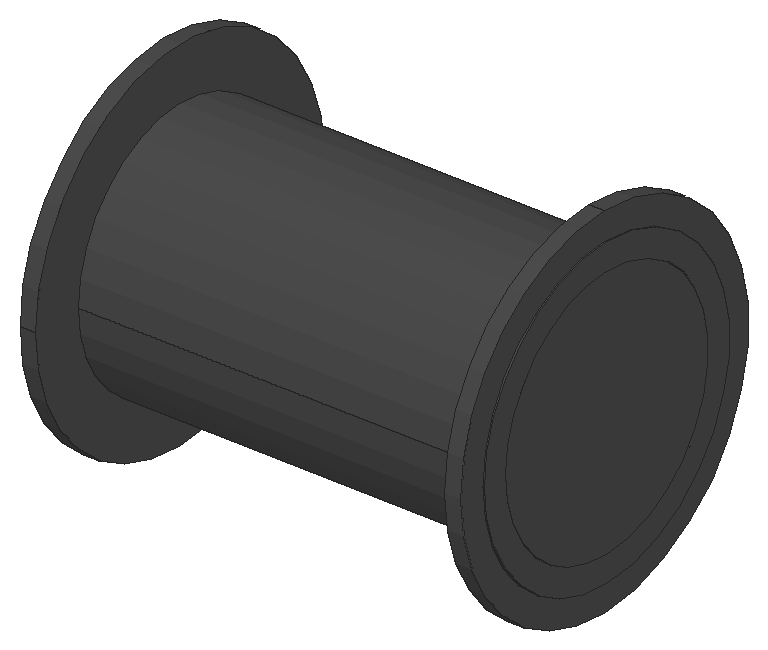
Revit family "Duc_FLA_Tocos", category Pipe Fittings, Revit 2025
Family settings
  Round Connector Dimension = Use Diameter
  Part Type = Union
  Work Plane-Based = Yes
  Always vertical = No
  Cut with Voids When Loaded = No
  Shared = Yes
Parameters
  Tabela [instance] = "Duc_FLA_Tocos"
  PN [instance] = "10"
  Nominal Diameter [instance] = 400.0 mm
  Material_Conexao = FoFo
  Manufacturer = "SGC"
  Loss Method = Not Defined
  K Coefficient Table = "Converging/Diverging Tee/Wye"
  Description = "Toco com flanges"
  Default Elevation = 0.0 mm
  Corpo_L [instance] = size_lookup(Tabela, "Corpo_L", 700.0 mm, Nominal Diameter)  # 700.0 mm
  Corpo_E [instance] = size_lookup(Tabela, "Corpo_E", 16.0 mm, Nominal Diameter)  # 21.5 mm
  Corpo_D [instance] = size_lookup(Tabela, "Corpo_D", 220.0 mm, Nominal Diameter)  # 565.0 mm
Reference planes
  plane 1 "EixoP": y = 0
  plane 2: z = 0
  plane 3 "EixoS": x = 468.25
  plane 4 "EE": x = 118.25
  plane 5 "ED": x = 818.25
Forms (mm)
  Sweep 1, solid, material "FoFo" <- "Material_Conexao"
    path origin (560, 0, 0) x (1, 0, 0) y (0, 1, 0)
      loop
        line (-441.75, 0) -> (258.25, 0)
    profile origin (468.25, 0, 0) x (0, 1, 0) y (0, 0, 1)
      loop
        circle (0, 0) r 200
Dimensions and locks
  "Corpo_L": plane 4 "EE" to plane 5 "ED"
  equal spacing: plane 4 "EE", plane 3 "EixoS", plane 5 "ED"
  "Nominal Diameter": diameter of Sweep 1 sketch curve
  aligned and locked: Sweep 1 sketch curve to plane 1 "EixoP"
  aligned and locked: plane 5 "ED" to Sweep 1 sketch curve
  aligned and locked: nested 2 to plane 2
  aligned and locked: nested 1 to plane 1 "EixoP"
  aligned and locked: plane 2 to nested 1
  aligned and locked: nested 2 to plane 4 "EE"
  aligned and locked: nested 1 to plane 5 "ED"
Automatic sketch dimensions
  Sweep 1 sketch curve to plane 4 "EE" = 0.0 mm
  Sweep 1 sketch curve to level = 0.0 mm
  Sweep 1 sketch curve to profile plane = 0.0 mm
Nested families
  nested 1: "Duc_FLA_Flanges" at (818.25, 0, 0) x (0, 0, 1) z (1, 0, 0), Nominal Diameter <- "Nominal Diameter", type "Duc_FLA_Flanges"
    with Tabela "Duc_FLA_Flanges", PN "10", Nominal Diameter 400.0 mm, Flange_Ressalto 4.0 mm, Flange_RF 257.5 mm, Flange_QF "16", Flange_MA 11.25°, Flange_DG 480.0 mm, Flange_DFuro 28.0 mm, Flange_DF 515.0 mm, Flange_D 565.0 mm, Flange_AnguloFuros 22.50°, Flange_Altura 24.5 mm
  nested 2: "Duc_FLA_Flanges" at (118.25, 0, 0) x (0, -1, 0) z (-1, 0, 0), Nominal Diameter <- "Nominal Diameter", type "Duc_FLA_Flanges"
    with Tabela "Duc_FLA_Flanges", PN "10", Nominal Diameter 400.0 mm, Flange_Ressalto 4.0 mm, Flange_RF 257.5 mm, Flange_QF "16", Flange_MA 11.25°, Flange_DG 480.0 mm, Flange_DFuro 28.0 mm, Flange_DF 515.0 mm, Flange_D 565.0 mm, Flange_AnguloFuros 22.50°, Flange_Altura 24.5 mm
Connectors
  piping at (818.25, 0, 0), diameter 400, driven by "Nominal Diameter"
    settings: on Sweep 1, index 1, connector inside diameter 609.6 mm, connector length 0.0 mm, flow factor 0, pipe flow 0 L/h, pressure drop 0 Pa, fitting loss kfactor 0, connector angle 0.00°, fixture units 0, engagement length 0.0 mm, angle of deflection 0.00°, flow configuration 0, flow direction 0, fitting loss method 0, system type 28, joint type 0, gender type 0, connector reference index -1, connector utility 0, adjustable connector no, is connector primary yes, connector description ""
  piping at (118.25, 0, 0), diameter 400, driven by "Nominal Diameter"
    settings: on Sweep 1, index 2, connector inside diameter 609.6 mm, connector length 0.0 mm, flow factor 0, pipe flow 0 L/h, pressure drop 0 Pa, fitting loss kfactor 0, connector angle 0.00°, fixture units 0, engagement length 0.0 mm, angle of deflection 0.00°, flow configuration 0, flow direction 0, fitting loss method 0, system type 28, joint type 0, gender type 0, connector reference index -1, connector utility 0, adjustable connector no, is connector primary no, connector description ""
Definition of nested family "Duc_FLA_Flanges"
  Parameters (values of type "Duc_FLA_Flanges")
    Tabela [instance] = "Duc_FLA_Flanges"
    PN [instance] = "10"
    Nominal Diameter [instance] = 100.0 mm
    Material_Conexao = none
    Manufacturer = "SGC"
    Flange_Ressalto [instance] = size_lookup(Tabela, "FRessalto", 3.0 mm, Nominal Diameter, PN)  # 3.0 mm
    Flange_RF [instance] = Flange_DF / 2  # 90.0 mm
    Flange_QF [instance] = size_lookup(Tabela, "QF", "4", Nominal Diameter, PN)  # "8"
    Flange_MA [instance] = size_lookup(Tabela, "MA", 45.00°, Nominal Diameter, PN)  # 22.50°
    Flange_DG [instance] = size_lookup(Tabela, "FG", 99.0 mm, Nominal Diameter, PN)  # 156.0 mm
    Flange_DF [instance] = size_lookup(Tabela, "FC", 125.0 mm, Nominal Diameter, PN)  # 180.0 mm
    Flange_D [instance] = size_lookup(Tabela, "FD", 165.0 mm, Nominal Diameter, PN)  # 220.0 mm
    Flange_AnguloFuros [instance] = size_lookup(Tabela, "AF", 90.00°, Nominal Diameter, PN)  # 45.00°
    Flange_Altura [instance] = size_lookup(Tabela, "FAltura", 19.0 mm, Nominal Diameter, PN)  # 19.0 mm
    Description = "Flange"
    Default Elevation = 0.0 mm
    Flange_DFuro [instance] = size_lookup(Tabela, "DFuro", 19.0 mm, Nominal Diameter, PN)  # 19.0 mm
  Reference planes
    plane 1 "Centro (Frente/Trás)": y = 0
    plane 2: z = 0
    plane 3 "Centro (Esquerda/Direita)": x = 0
    plane 4: z = -3
    plane 5: z = -22
  Forms (mm)
    Extrusion 1, solid, material <- "Material_Conexao"
      sketch origin (0, 0, 0) x (1, 0, 0) y (0, 1, 0)
        loop
          circle (0, 0) r 110
      from -22 to -3
    Extrusion 2, solid, material <- "Material_Conexao"
      sketch origin (0, 0, 0) x (1, 0, 0) y (0, 1, 0)
        loop
          circle (0, 0) r 78
      from 0 to -3
    Extrusion 3, void
      sketch origin (0, 0, 0) x (1, 0, 0) y (0, 1, 0)
        loop
          circle (0, 0) r 50
      from -22 to 0
  Cuts and joins
    Extrusion 3 cuts Extrusion 1
    Extrusion 3 cuts Extrusion 2
    joined: Extrusion 1, Extrusion 2
  Lines and regions (mm)
    model lines
      curve 1: line (-40, 0, 0) -> (40, 0, 0)
      curve 2: line (0, 40, 0) -> (0, -40, 0)
    reference lines
      curve 3: line (0, 0, 0) -> (83.149, 34.442, 0)
  Dimensions and locks
    "Flange_Ressalto": plane 2 to plane 4
    "Flange_Altura": plane 4 to plane 5
    "Flange_RF": curve 3 to curve 3
    "Flange_D": diameter of Extrusion 1 sketch curve
    "Flange_DG": diameter of Extrusion 2 sketch curve
    "Nominal Diameter": diameter of Extrusion 3 sketch curve
    "Flange_MA": angle plane 1 "Centro (Frente/Trás)" to curve 3
    aligned and locked: plane 2 to level
    aligned and locked: Extrusion 1 to plane 5
    aligned and locked: cut or joined group of Extrusion 1, Extrusion 2, Extrusion 3 to plane 4
    aligned and locked: plane 4 to cut or joined group of Extrusion 1, Extrusion 2, Extrusion 3
    aligned and locked: cut or joined group of Extrusion 1, Extrusion 2, Extrusion 3 to Extrusion 3
    aligned and locked: level to Extrusion 3
    aligned and locked: Extrusion 2 to Extrusion 1
    aligned and locked: level to Extrusion 2
    aligned and locked: plane 3 "Centro (Esquerda/Direita)" to curve 3
    aligned and locked: plane 1 "Centro (Frente/Trás)" to curve 3
  Automatic sketch dimensions
    plane 1 "Centro (Frente/Trás)" to curve 1 = 0.0 mm
    curve 1 to plane 3 "Centro (Esquerda/Direita)" = 40.0 mm
    plane 3 "Centro (Esquerda/Direita)" to curve 1 = 40.0 mm
    plane 1 "Centro (Frente/Trás)" to curve 2 = 40.0 mm
    curve 2 to plane 1 "Centro (Frente/Trás)" = 40.0 mm
    curve 2 to plane 3 "Centro (Esquerda/Direita)" = 0.0 mm
    plane 1 "Centro (Frente/Trás)" to Extrusion 1 sketch curve = 0.0 mm
    Extrusion 1 sketch curve to plane 3 "Centro (Esquerda/Direita)" = 0.0 mm
    plane 1 "Centro (Frente/Trás)" to Extrusion 2 sketch curve = 0.0 mm
    Extrusion 2 sketch curve to plane 3 "Centro (Esquerda/Direita)" = 0.0 mm
    plane 1 "Centro (Frente/Trás)" to Extrusion 3 sketch curve = 0.0 mm
    Extrusion 3 sketch curve to plane 3 "Centro (Esquerda/Direita)" = 0.0 mm
